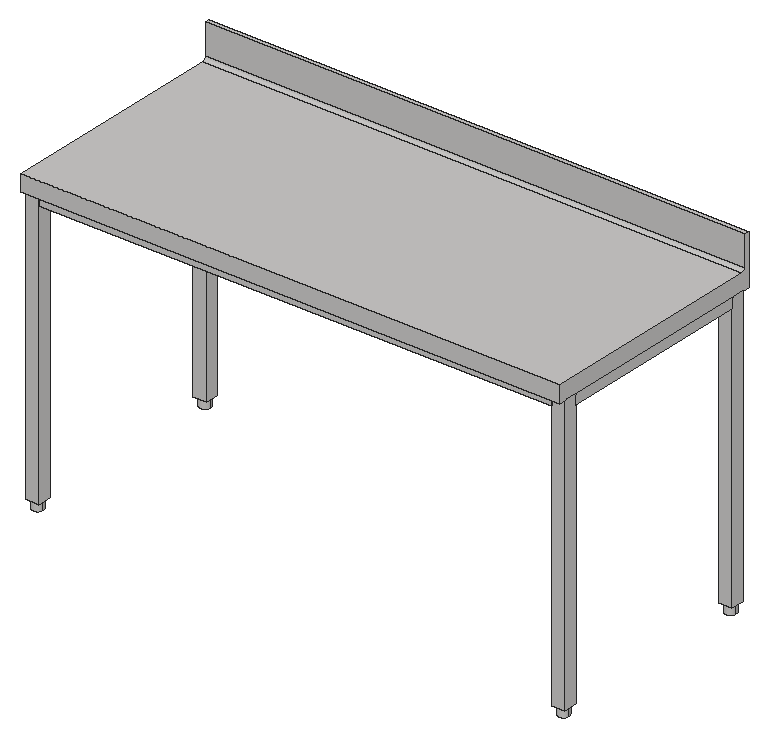
Revit family "QF_ELECTROLUXPROFESSIONAL_134017_GTG1610E", category Attrezzature speciali, Revit 2020
Family settings
  Quota connettore circolare = Usa diametro
  Tipo di parte = Normale
  Basato su piano di lavoro = No
  Sempre verticale = Sì
  Taglio con vuoti quando caricato = No
  Condiviso = No
  Punto di calcolo locali = No
Parameters (values of type "Standard")
  Weight = 47.50 kg
  Watts = 0 W
  Volts = 0 V
  URL Manufacturer = "https://www.electroluxprofessional.com/"
  URL = "https://www.electroluxprofessional.com/"
  Steam Supply Size = 0 mm
  Steam Supply Minimum Pressure = 0.0 Pa
  Steam Supply Maximum Pressure = 0.0 Pa
  Steam Consumption per Hour = 0
  Refrigeration Suction Line Size = 0.0 mm
  Refrigeration Liquid Line Size = 0.0 mm
  Refrigerant Compressor Remote = yes
  Prospetto di default = 0.0 mm
  Produttore = "Electrolux Professional"
  Phase = 0
  Modello = "GTG1610E"
  Length Actual = 1600.0 mm  # constant formula
  Item Number = "134017"
  Hot Water Size = 0 mm
  Height Actual = 1000.0 mm  # constant formula
  HP = "0 HP"
  Gas Size = 0 mm
  Gas KW = 0
  Gas Input Pressure = 0 W
  Direct Waste Size = 0 mm
  Descrizione = "WORK TABLE WITH UPSTAND 1600 MM"
  Depth Actual = 700.0 mm  # constant formula
  Cycle = 0 Hz
  Condensate Return Size = 0 mm
  Compressed Air Volume = 0.0 L/s
  Compressed Air Size = 0 mm
  Compressed Air Pressure = 0.0 Pa
  Cold Water Size = 0 mm
  Accessory = yes
Reference planes
  plane 1 "Center (Front/Back)": y = 0
  plane 2: z = 0
  plane 3 "Center (Left/Right)": x = -300
  plane 4 "LEFT": x = -1100
  plane 5 "RIGHT": x = 500
  plane 6 "BACK": y = 350
  plane 7 "FRONT": y = -350
  plane 8 "Base": z = 850
  plane 9 "TOP": z = 900
  plane 10: x = -1080
  plane 11: x = 480
  plane 12: y = 310
  plane 13: y = -310
  plane 14 "TRAVERSI": z = 820
  plane 15: x = -1060
  plane 16: x = 460
  plane 17: y = 290
  plane 18: y = -290
  plane 19: y = 330
  plane 20: y = -330
Forms (mm)
  Extrusion 1, solid, material "QF_Finishes_Stainless Steel"
    sketch origin (-300, 0, 0) x (0, 1, 0) y (0, 0, 1)
      loop
        line (-350, 850) -> (350, 850) -> (350, 1000) -> (337, 1000) -> (337, 910)
        arc (337, 910) -> (334.071, 902.929) -> (327, 900) r 10
        line (327, 900) -> (-350, 900) -> (-350, 850)
    from 800 to -800
  Extrusion 2, solid, material "QF_Finishes_Stainless Steel"
    sketch origin (0, 0, 820) x (0, 1, 0) y (-1, 0, 0)
      loop
        line (290, -460) -> (-290, -460) -> (-290, -500) -> (290, -500) -> (290, -460)
      loop
        line (290, 1100) -> (-290, 1100) -> (-290, 1060) -> (290, 1060) -> (290, 1100)
    from 0 to 30
  Extrusion 3, solid, material "QF_Finishes_Stainless Steel"
    sketch origin (0, 0, 820) x (0, 1, 0) y (-1, 0, 0)
      loop
        line (330, -460) -> (330, 1060) -> (290, 1060) -> (290, -460) -> (330, -460)
      loop
        line (-290, 1060) -> (-330, 1060) -> (-330, -460) -> (-290, -460) -> (-290, 1060)
    from 0 to 30
Lines and regions (mm)
  symbolic lines
    curve 1: line (500, 350, 900) -> (-1100, 350, 900)
    curve 2: line (-1100, 350, 900) -> (-1100, -350, 900)
    curve 3: line (-1100, -350, 900) -> (500, -350, 900)
    curve 4: line (500, -350, 900) -> (500, 350, 900)
    curve 5: line (-1100, 337, 820) -> (500, 337, 820)
Dimensions and locks
  plane 4 "LEFT" to plane 5 "RIGHT" = 1600.0 mm
  equal spacing: plane 4 "LEFT", plane 3 "Center (Left/Right)", plane 5 "RIGHT"
  plane 4 "LEFT" to plane 10 = 20.0 mm
  plane 11 to plane 5 "RIGHT" = 20.0 mm
  plane 10 to plane 11 = 1560.0 mm
  plane 6 "BACK" to plane 12 = 40.0 mm
  plane 13 to plane 7 "FRONT" = 40.0 mm
  plane 6 "BACK" to plane 7 "FRONT" = 700.0 mm
  plane 12 to plane 13 = 620.0 mm
  equal spacing: plane 6 "BACK", plane 1 "Center (Front/Back)", plane 7 "FRONT"
  plane 8 "Base" to plane 14 "TRAVERSI" = 30.0 mm
  locked: plane 10 to plane 15 at 20
  locked: plane 16 to plane 11 at 20
  locked: plane 19 to plane 12 at 20
  locked: plane 12 to plane 17 at 20
  locked: plane 18 to plane 13 at 20
  locked: plane 13 to plane 20 at 20
  locked: plane 8 "Base" to level at 850
  locked: Extrusion 1 to level at 1000
  aligned and locked: level to plane 2
  aligned and locked: plane 10 to nested 1
  aligned and locked: nested 1 to plane 13
  aligned and locked: plane 11 to nested 2
  aligned and locked: nested 2 to plane 13
  aligned and locked: plane 11 to nested 4
  aligned and locked: nested 4 to plane 12
  aligned and locked: plane 10 to nested 3
  aligned and locked: nested 3 to plane 12
  aligned and locked: Extrusion 1 to plane 4 "LEFT"
  aligned and locked: plane 5 "RIGHT" to Extrusion 1
  aligned and locked: curve 2 to plane 4 "LEFT"
  aligned and locked: Extrusion 2 sketch curve to plane 5 "RIGHT"
  aligned and locked: Extrusion 2 sketch curve to plane 17  (x2)
  aligned and locked: plane 16 to Extrusion 2 sketch curve
  aligned and locked: plane 18 to Extrusion 2 sketch curve  (x2)
  aligned and locked: plane 4 "LEFT" to Extrusion 2 sketch curve
  aligned and locked: Extrusion 2 sketch curve to plane 15
  aligned and locked: plane 19 to Extrusion 3 sketch curve
  aligned and locked: Extrusion 3 sketch curve to plane 17
  aligned and locked: Extrusion 3 sketch curve to plane 18
  aligned and locked: plane 20 to Extrusion 3 sketch curve
  aligned and locked: Extrusion 3 sketch curve to plane 15
  aligned and locked: plane 15 to Extrusion 3 sketch curve
  aligned and locked: plane 16 to Extrusion 3 sketch curve
  aligned and locked: Extrusion 3 sketch curve to plane 16
  aligned and locked: curve 5 to Extrusion 1
Automatic sketch dimensions
  curve 3 to plane 7 "FRONT" = 0.0 mm
  curve 4 to plane 6 "BACK" = 0.0 mm
  curve 4 to plane 5 "RIGHT" = 0.0 mm
  Extrusion 1 sketch curve to plane 7 "FRONT" = 0.0 mm
  Extrusion 1 sketch curve to plane 9 "TOP" = 0.0 mm
  Extrusion 1 sketch curve to plane 6 "BACK" = 0.0 mm
  Extrusion 1 sketch curve to plane 8 "Base" = 0.0 mm
  Extrusion 1 sketch curve to plane 19 = 3.0 mm
  plane 19 to Extrusion 1 sketch curve = 7.0 mm
  Extrusion 1 sketch curve to Extrusion 1 sketch curve = 90.0 mm
  curve 5 to plane 5 "RIGHT" = 0.0 mm
  curve 5 to plane 4 "LEFT" = 0.0 mm
Nested families
  nested 1: "FEET_40x40_R" at (-1080, -310, 0), type "FEET_40x40_R"
  nested 2: "FEET_40x40_R" at (480, -310, 0), type "FEET_40x40_R"
  nested 3: "FEET_40x40_R" at (-1080, 310, 0), type "FEET_40x40_R"
  nested 4: "FEET_40x40_R" at (480, 310, 0), type "FEET_40x40_R"
Definition of nested family "FEET_40x40_R"
  Parameters
    Default Elevation = 0.0 mm
    FEET = 850.0 mm
  Reference planes
    plane 1 "Center (Front/Back)": y = 0
    plane 2: z = 0
    plane 3 "Center (Left/Right)": x = 0
    plane 4: z = 850
  Forms (mm)
    Extrusion 1, solid
      sketch origin (0, 0, 0) x (1, 0, 0) y (0, 1, 0)
        loop
          line (-20, -20) -> (20, -20) -> (20, 20) -> (-20, 20) -> (-20, -20)
      from 25 to 850
    Extrusion 2, solid
      sketch origin (0, 0, 0) x (1, 0, 0) y (0, 1, 0)
        loop
          circle (0, 0) r 16
      from 0 to 25
  Lines and regions (mm)
    symbolic lines
      curve 1: line (0, -1.503, 0) -> (0, 1.508, 0)
      curve 2: line (1.561, 0, 0) -> (-1.439, 0, 0)
  Dimensions and locks
    "FEET": plane 4 to plane 2
    aligned and locked: level to plane 2
  Automatic sketch dimensions
    Extrusion 1 sketch curve to plane 3 "Center (Left/Right)" = 20.0 mm
    plane 3 "Center (Left/Right)" to Extrusion 1 sketch curve = 20.0 mm
    plane 1 "Center (Front/Back)" to Extrusion 1 sketch curve = 20.0 mm
    Extrusion 1 sketch curve to plane 1 "Center (Front/Back)" = 20.0 mm
    plane 1 "Center (Front/Back)" to Extrusion 2 sketch curve = 0.0 mm
    Extrusion 2 sketch curve to plane 3 "Center (Left/Right)" = 0.0 mm
    plane 1 "Center (Front/Back)" to curve 2 = 0.0 mm
    curve 1 to plane 3 "Center (Left/Right)" = 0.0 mm
    curve 2 to plane 3 "Center (Left/Right)" = 1.439 mm
    plane 3 "Center (Left/Right)" to curve 2 = 1.561 mm
    plane 1 "Center (Front/Back)" to curve 1 = 1.503 mm
    curve 1 to plane 1 "Center (Front/Back)" = 1.508 mm
    radius of Extrusion 2 sketch curve = 16.0 mm
